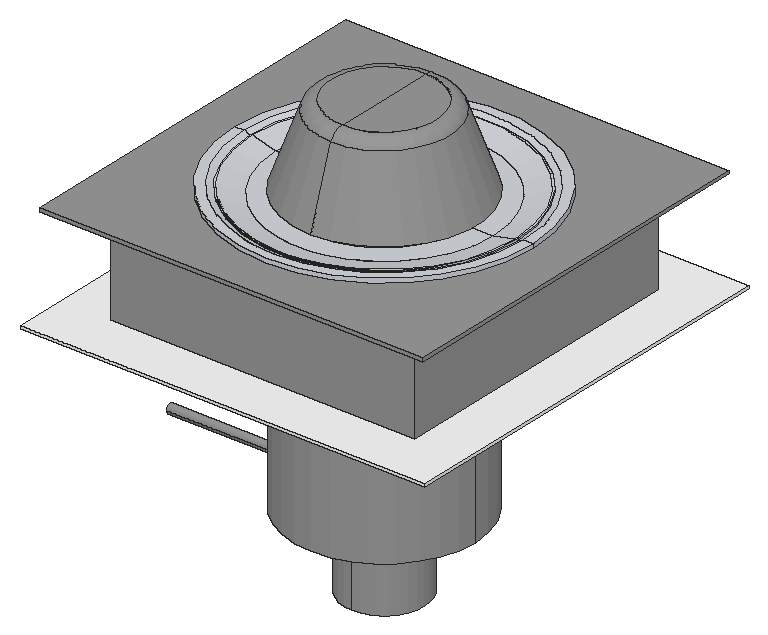
Revit family "HL_RU_Roof drain_HL63.1-B-221103", category Sanitärinstallationen, Revit 2020
Family settings
  Bemaßung runder Anschluss = Durchmesser verwenden
  Teiletyp = Normal
  OmniClass-Nummer = 23.70.50.21.24.14
  OmniClass-Titel = Deck Waste Water Drains
  Arbeitsebenenbasiert = Nein
  Immer vertikal = Ja
  Beim Laden mit Abzugskörper schneiden = Nein
  Gemeinsam genutzt = Nein
  Raumberechnungspunkt = Ja
Parameters (values of type "HL_Кровельная воронка_HL63.1_7")
  РЕШЁТКА = "Laubfangkorb d 145 mm"
  РАЗМЕР = "DN75"
  ПРОПУСКНАЯ СПОСОБНОСТЬ [instance] = 0.0 L/s
  ПРОИЗВОДИТЕЛЬНОСТЬ = "8,6 l/s"
  ПРАВОВАЯ ИНФОРМАЦИЯ = "Авторские права(©), права на дизайн или какие либо другие права интелектуальной собственности являются исключительной собственностью компании HL Hutterer & Lechner. Изменению не подлежит. Файл семейства с данными о прозводителе изделия защищен паролем с водяным знаком."
  НОМИНАЛЬНЫЙ ДИАМЕТР = 75 mm
  МАТЕРИАЛ = "PP"
  ВЫСОТА МОНТАЖА = "266_326 mm"
  ВЕС = "3,17 [kg]"
  Vorgabe-Ansicht = 0 mm
  Hersteller = "HL Hutterer & Lechner GmbH"  # constant formula
  URL = "http://www.hutterer-lechner.com/ru/products/catalog/roof-drains/HL63.1/7.aspx"
  Материал плитка [instance] = none
  Lüftungsverbindung = no
  Abwasserrohrverbindung = yes
  HW-Verbindung = no
  KW-Verbindung = no
  Beschreibung = "Кровельные воронки"
  Model = "HL63.1_7"
  Assembly Code = " "
  Typenkommentare = "HL63.1/7 Кровельная воронка DrainBox DN75 с зажимным элементом и подогревом (10_30Вт/230В).,"
  Keynote = "HL63.1_7"
  Bысота монтажа [instance] = 100 mm  # constant formula
  G [instance] = 180.00°  # constant formula
  EAN = "9003076806317"
  D [instance] = 236 mm  # constant formula
  C [instance] = if(Bысота монтажа - 68 mm < 0 mm, 0 mm, Bысота монтажа - 68 mm)  # 32 mm
  B [instance] = 100 mm  # constant formula
  A [instance] = if(B - 100 mm > 15 mm, B - 100 mm, 15 mm)  # 15 mm
Types (4, lengths in mm): name | РАЗМЕР | ПРОИЗВОДИТЕЛЬНОСТЬ | НОМИНАЛЬНЫЙ ДИАМЕТР | ВЕС | URL | Model | Typenkommentare | Keynote | EAN
  (no name) | "DN75" | "8,6 l/s" | 75 | "3,17 [kg]" | "http://www.hutterer-lechner.com/ru/products/catalog/roof-drains/HL63.1/7.aspx" | "HL63.1_7" | "HL63.1/7 Кровельная воронка DrainBox DN75 с зажимным элементом и подогревом (10_30Вт/230В).," | "HL63.1_7" | "9003076806317"
  HL_Кровельная воронка_HL63.1_1 | "DN110" | "8,7 l/s" | 110 | "3,2 [kg]" | "http://www.hutterer-lechner.com/ru/products/catalog/roof-drains/HL63.1/1.aspx" | "HL63.1_1" | "HL63.1/1 Кровельная воронка DrainBox DN110 с зажимным элементом и подогревом (10_30Вт/230В).," | "HL63.1_1" | "9003076816316"
  HL_Кровельная воронка_HL63.1_2 | "DN125" | "12,2 l/s" | 125 | "3,22 [kg]" | "http://www.hutterer-lechner.com/ru/products/catalog/roof-drains/HL63.1/2.aspx" | "HL63.1_2" | "HL63.1/2 Кровельная воронка DrainBox DN125 с зажимным элементом и подогревом (10_30Вт/230В).," | "HL63.1_2" | "9003076826315"
  HL_Кровельная воронка_HL63.1_7 | "DN75" | "8,6 l/s" | 75 | "3,17 [kg]" | "http://www.hutterer-lechner.com/ru/products/catalog/roof-drains/HL63.1/7.aspx" | "HL63.1_7" | "HL63.1/7 Кровельная воронка DrainBox DN75 с зажимным элементом и подогревом (10_30Вт/230В).," | "HL63.1_7" | "9003076806317"
Reference planes
  plane 1 "Center (Front/Back)": y = 0
  plane 2: z = 0
  plane 3 "Center (Left/Right)": x = 0
  plane 4: z = -100
  plane 5: z = -100
Lines and regions (mm)
  model lines, style "InvisibleLines"
    curve 1: line (0, 0, 0) -> (0, 0, 20)
  model lines, style "PlumbingFixtures", detail levels coarse+medium
    curve 2: line (0, 0, -100) -> (0, 0, -85)
    curve 3: line (0, 0, -85) -> (-85, 0, 0)
    curve 4: line (0, 0, -85) -> (85, 0, 0)
    curve 6: line (0, 0, -100) -> (0, 0, -336)
  reference lines, not visible
    curve 5: line (0, 0, -100) -> (0, 0, -336)
  symbolic lines, style "PlumbingFixtures", detail levels coarse+medium
    curve 7: line (-75, 75, 0) -> (75, 75, 0)
    curve 8: line (-75, -75, 0) -> (-75, 75, 0)
    curve 9: line (75, -75, 0) -> (-75, -75, 0)
    curve 10: line (75, 75, 0) -> (75, -75, 0)
    curve 11: line (-75, 75, 0) -> (-145.711, 145.711, 0)
    curve 12: line (75, 75, 0) -> (145.711, 145.711, 0)
    curve 13: line (-75, -75, 0) -> (-145.711, -145.711, 0)
    curve 14: line (75, -75, 0) -> (145.711, -145.711, 0)
  symbolic lines, style "PlumbingFixtures", not visible, detail levels coarse+medium
    curve 15: line (-75, 75, 0) -> (75, 75, 0)
    curve 16: line (-75, -75, 0) -> (-75, 75, 0)
    curve 17: line (75, -75, 0) -> (-75, -75, 0)
    curve 18: line (75, 75, 0) -> (75, -75, 0)
    curve 19: line (-75, 75, 0) -> (-145.711, 145.711, 0)
    curve 20: line (75, 75, 0) -> (145.711, 145.711, 0)
    curve 21: line (-75, -75, 0) -> (-145.711, -145.711, 0)
    curve 22: line (75, -75, 0) -> (145.711, -145.711, 0)
Text (mm)
  text "FLOOR" at (-162.344, 0, -10.979), in view "Drain Construction View"
Dimensions and locks
  "B": plane 2 to plane 4
  "Bысота монтажа": plane 2 to plane 5
  "A": curve 4 to plane 4
  "D": curve 5 to curve 5
  "D": curve 6 to curve 6
  locked: curve 4 to plane 3 "Center (Left/Right)" (angle 45.00°)
  locked: plane 3 "Center (Left/Right)" to curve 3 (angle 45.00°)
  "G": angle curve 5 to plane 3 "Center (Left/Right)"
  aligned and locked: level to plane 2
  aligned and locked: plane 2 to curve 4
  aligned and locked: plane 2 to curve 3
  aligned and locked: plane 4 to curve 5
  aligned and locked: plane 3 "Center (Left/Right)" to curve 5
  aligned and locked: plane 4 to curve 2
  aligned and locked: curve 6 to plane 3 "Center (Left/Right)"
  aligned and locked: curve 6 to plane 4
  aligned and locked: nested 1 to plane 2
  aligned and locked: nested 1 to plane 3 "Center (Left/Right)"
  aligned and locked: plane 2 to nested 2
  aligned and locked: plane 3 "Center (Left/Right)" to nested 2
Automatic sketch dimensions
  curve 2 to plane 3 "Center (Left/Right)" = 0 mm
  curve 1 to plane 3 "Center (Left/Right)" = 0 mm
  curve 1 to level = 0 mm
  level to curve 1 = 20 mm
Nested families
  nested 1: "HL_кровельные воронки - корпус_HL63.1" at (0, 0, 0) x (0, -1, 0) z (0, 0, 1), Bысота Монтажа <- "Bысота монтажа", НОМИНАЛЬНЫЙ ДИАМЕТР <- "НОМИНАЛЬНЫЙ ДИАМЕТР", type "HL_кровельные воронки - корпус_HL63.1"
    with НОМИНАЛЬНЫЙ ДИАМЕТР 75 mm, L2 2.5 mm, L 100 mm, IHmin 266 mm, IHmax 326 mm, Bысота Монтажа 100 mm
  nested 2: "HL_Вспомогательные материалы-Противопожарная защита_HL062.1E" at (0, 0, 0), type "HL_Вспомогательные материалы-Противопожарная защита_HL062.1E"
Connectors
  piping at (0, 0, -336), diameter 75, driven by "ПРОПУСКНАЯ СПОСОБНОСТЬ", driven by "НОМИНАЛЬНЫЙ ДИАМЕТР"
    settings: on curve 5, index 1, connector inside diameter 609.6 mm, connector length 0 mm, flow factor 0, pipe flow 0.0 L/s, pressure drop 0.0 Pa, fitting loss kfactor 0, connector angle 0.00°, fixture units 0, engagement length 0 mm, angle of deflection 0.00°, flow configuration 1, flow direction 2, fitting loss method 0, system type 16, joint type 0, gender type 0, connector reference index -1, connector utility 0, adjustable connector yes, is connector primary yes, connector description ""
Definition of nested family "HL_кровельные воронки - корпус_HL63.1"
  Parameters (values of type "HL_кровельные воронки - корпус_HL63.1")
    НОМИНАЛЬНЫЙ ДИАМЕТР [instance] = 125 mm
    Default Elevation = 0 mm
    Manufacturer = ""
    URL = ""
    Description = ""
    Model = ""
    L2 [instance] = if((L = 0 mm), 0 mm, 2.5 mm)  # 2.5 mm
    L [instance] = if(Bысота Монтажа < (IHmin - 166 mm), 0 mm, if(Bысота Монтажа > (IHmax - 166 mm) + 0.1 mm, 0 mm, Bысота Монтажа + 0 mm))  # 100 mm
    Type Comments = ""
    Bысота Монтажа [instance] = 100 mm
    IHmin [instance] = 266 mm
    IHmax [instance] = 326 mm
    Cost = 0
  Reference planes
    plane 1 "Střed (vpředu/vzadu)": y = 0
    plane 2: z = 0
    plane 3 "Střed (vlevo/vpravo)": x = 0
  Forms (mm)
    Extrusion 1, solid, detail levels fine
      sketch origin (0, 0, 0) x (1, 0, 0) y (0, 1, 0)
        loop
          line (-179, -179) -> (179, -179) -> (179, 179) -> (-179, 179) -> (-179, -179)
        loop
          circle (0, 0) r 139.495
      from 0 to -3
    Extrusion 2, solid, detail levels fine
      sketch origin (0, 0, -3) x (0, 1, 0) y (1, 0, 0)
        loop
          line (-142, 142) -> (-142, -142) -> (142, -142) -> (142, 142) -> (-142, 142)
        loop
          line (-137, 137.134) -> (-137, -137.866) -> (137, -137.866) -> (137, 137.134) -> (-137, 137.134)
      from 0 to 94
    Extrusion 3, solid, detail levels fine
      sketch origin (0, 189, -100) x (0, -1, 0) y (1, 0, 0)
        loop
          line (378, 189) -> (0, 189) -> (0, -189) -> (378, -189) -> (378, 189)
      from 2.5 <- "L2" to 0
    Extrusion 4, solid, detail levels fine
      sketch origin (0, 0.152, -97.5) x (0, -1, 0) y (1, 0, 0)
        loop
          line (137.152, -137.866) -> (137.152, 137.134) -> (-136.848, 137.134) -> (-136.848, -137.866) -> (137.152, -137.866)
        loop
          line (-118.55, 117.801) -> (-118.55, -119.41) -> (118.853, -119.41) -> (118.853, 117.801) -> (-118.55, 117.801)
      from 80 to 0
    Extrusion 5, solid, detail levels fine
      sketch origin (0, 0, -265.748) x (0, 1, 0) y (1, 0, 0)
        loop
          circle (0, 0) r 63.051
      from 0 to 5.25
    Extrusion 6, solid, detail levels fine
      sketch origin (0, 0, -270.998) x (-1, 0, 0) y (0, 1, 0)
        loop
          circle (0, 0) r 62.5
      from 0 to 65
    Extrusion 7, solid, detail levels fine
      sketch origin (0, 0, 0) x (1, 0, 0) y (0, 0, 1)
        loop
          circle (0, -253.652) r 4.201
      from 0 to 200
    Revolve 8, solid, detail levels fine
      sketch origin (0, 0, 0) x (0, 1, 0) y (0, 0, 1)
        loop
          line (139.495, 3.483) -> (130.755, 3.483) -> (124.367, 0.772) -> (124.553, 1.828) -> (123.156, 1.828) -> (101.8, -3.372) -> (81.208, -3.372) -> (78.949, -6.37) -> (78.949, -22.548) -> (77.124, -24.372) -> (75.657, -24.372) -> (74.445, -25.817) -> (74.445, -30.372) -> (0, -30.372) -> (0, -79.5) -> (59.327, -79.5) -> (109.235, -4.817) -> (129.893, -3.01) -> (139.495, -3.01) -> (139.495, 3.483)
        axis (0, 3.483) -> (0, -79.5)
      angle from 0 to 360
    Revolve 9, solid, detail levels fine
      sketch origin (0, 0, 0) x (0, 1, 0) y (0, 0, 1)
        loop
          line (0, -265.748) -> (85.469, -265.748) -> (85.469, -99.5) -> (59.327, -99.5) -> (59.327, -79.5) -> (0, -79.5) -> (0, -265.748)
        axis (0, -79.5) -> (0, -265.748)
      angle from 0 to 360
  Lines and regions (mm)
    reference lines, not visible
      curve 1: line (0, 189, -100) -> (0, -366, -100)
  Dimensions and locks
    "L": plane 2 to curve 1
    "НОМИНАЛЬНЫЙ ДИАМЕТР": diameter of Extrusion 6 sketch curve
    aligned and locked: level to plane 2
  Automatic sketch dimensions
    plane 1 "Střed (vpředu/vzadu)" to Extrusion 1 sketch curve = 0 mm
    Extrusion 1 sketch curve to plane 3 "Střed (vlevo/vpravo)" = 0 mm
    Extrusion 1 sketch curve to plane 3 "Střed (vlevo/vpravo)" = 179 mm
    plane 3 "Střed (vlevo/vpravo)" to Extrusion 1 sketch curve = 179 mm
    plane 1 "Střed (vpředu/vzadu)" to Extrusion 1 sketch curve = 179 mm
    Extrusion 1 sketch curve to plane 1 "Střed (vpředu/vzadu)" = 179 mm
    Extrusion 3 sketch curve to curve 1 = 0 mm
    Extrusion 3 sketch curve to curve 1 = 189 mm
    curve 1 to Extrusion 3 sketch curve = 189 mm
    Extrusion 3 sketch curve to curve 1 = 177 mm
    Extrusion 7 sketch curve to plane 3 "Střed (vlevo/vpravo)" = 0 mm
    Extrusion 7 sketch curve to level = 253.652 mm
    Extrusion 1 to Extrusion 2 sketch curve = 37 mm  (x2)
    Extrusion 2 sketch curve to Extrusion 2 sketch curve = 5 mm  (x2)
    Extrusion 1 to Extrusion 2 sketch curve = 42 mm
    Extrusion 2 sketch curve to Extrusion 2 sketch curve = 4.866 mm
    Extrusion 1 to Extrusion 2 sketch curve = 41.134 mm
    Extrusion 2 sketch curve to Extrusion 2 sketch curve = 4.134 mm
    Extrusion 4 sketch curve to Extrusion 3 = 52 mm
    Extrusion 4 sketch curve to Extrusion 4 sketch curve = 18.299 mm  (x2)
    Extrusion 4 sketch curve to Extrusion 3 = 70.299 mm
    Extrusion 4 sketch curve to Extrusion 3 = 51.134 mm
    Extrusion 4 sketch curve to Extrusion 4 sketch curve = 18.456 mm
    Extrusion 4 sketch curve to Extrusion 3 = 71.199 mm
    Extrusion 4 sketch curve to Extrusion 4 sketch curve = 19.333 mm
    plane 1 "Střed (vpředu/vzadu)" to Extrusion 5 sketch curve = 0 mm
    Extrusion 5 sketch curve to plane 3 "Střed (vlevo/vpravo)" = 0 mm
    Revolve 8 sketch curve to plane 1 "Střed (vpředu/vzadu)" = 0 mm
    Revolve 8 sketch curve to plane 1 "Střed (vpředu/vzadu)" = 59.327 mm
    Revolve 8 sketch curve to Revolve 8 sketch curve = 15.118 mm
    Revolve 8 sketch curve to level = 24.372 mm
    Revolve 8 sketch curve to Revolve 8 sketch curve = 1.212 mm
    Revolve 8 sketch curve to Revolve 8 sketch curve = 1.467 mm
    Revolve 8 sketch curve to Revolve 8 sketch curve = 1.824 mm  (x2)
    Revolve 8 sketch curve to Revolve 8 sketch curve = 2.259 mm
    Revolve 8 sketch curve to level = 3.372 mm
    Revolve 8 sketch curve to Revolve 8 sketch curve = 20.592 mm
    Revolve 8 sketch curve to level = 4.817 mm
    Revolve 8 sketch curve to Revolve 8 sketch curve = 7.435 mm
    level to Revolve 8 sketch curve = 1.828 mm
    Revolve 8 sketch curve to Revolve 8 sketch curve = 13.921 mm
    level to Revolve 8 sketch curve = 0.772 mm
    Revolve 8 sketch curve to Revolve 8 sketch curve = 1.211 mm
    Revolve 8 sketch curve to Revolve 8 sketch curve = 0.186 mm
    Revolve 8 sketch curve to level = 3.01 mm
    Revolve 8 sketch curve to Revolve 8 sketch curve = 5.526 mm
    level to Revolve 8 sketch curve = 3.483 mm
    Revolve 8 sketch curve to Revolve 8 sketch curve = 6.202 mm
    Revolve 8 sketch curve to Revolve 8 sketch curve = 9.602 mm
    Revolve 8 sketch curve to Revolve 8 sketch curve = 1.445 mm
    Revolve 8 sketch curve to Revolve 8 sketch curve = 4.555 mm
    Revolve 8 sketch curve to Revolve 8 sketch curve = 49.128 mm
    Revolve 8 sketch curve to Revolve 8 sketch curve = 2.998 mm
    Revolve 9 sketch curve to plane 1 "Střed (vpředu/vzadu)" = 0 mm
    Revolve 9 sketch curve to plane 1 "Střed (vpředu/vzadu)" = 59.327 mm
    Revolve 9 sketch curve to plane 1 "Střed (vpředu/vzadu)" = 85.469 mm
    Revolve 9 sketch curve to level = 265.748 mm
    Revolve 9 sketch curve to level = 99.5 mm
    Revolve 9 sketch curve to Revolve 9 sketch curve = 20 mm
    plane 1 "Střed (vpředu/vzadu)" to curve 1 = 366 mm
    curve 1 to plane 1 "Střed (vpředu/vzadu)" = 189 mm
    radius of Extrusion 1 sketch curve = 139.495 mm
    radius of Extrusion 7 sketch curve = 4.201 mm
    radius of Extrusion 5 sketch curve = 63.051 mm
Definition of nested family "HL_Вспомогательные материалы-Противопожарная защита_HL062.1E"
  Parameters
    ПРАВОВАЯ ИНФОРМАЦИЯ = ""
    ВЕС = "0,097 [kg]"
    Default Elevation = 0 mm
    Manufacturer = ""
    URL = ""
    Материал плитка = none
    Description = ""
    Model = ""
    Type Comments = "HL062.1E, domed plastic grate"
    Keynote = ""
    Пропускная способность [instance] = 0.0 L/s
    EAN = "9003076006212"
    Cost = 0
  Types (2, lengths in mm): name | ПРАВОВАЯ ИНФОРМАЦИЯ | Manufacturer | URL | Description | Model | Type Comments | Keynote
    (no name) | "" | "" | "" | "" | "" | "HL062.1E, domed plastic grate" | ""
    HL_Вспомогательные материалы-Противопожарная защита_HL062.1E | "Авторские права(©), права на дизайн или какие либо другие права интелектуальной собственности являются исключительной собственностью компании HL Hutterer & Lechner. Изменению не подлежит. Файл семейства с данными о прозводителе изделия защищен паролем с водяным знаком." | "HL Hutterer & Lechner GmbH" | "http://www.hutterer-lechner.com/ru/products/catalog/roof-drains/HL062.1E.aspx" | "Кровельные воронки" | "HL062.1E" | "HL062.1E, Листвоуловитель" | "HL062.1E"
  Reference planes
    plane 1 "Střed (vpředu/vzadu)": y = 0
    plane 2: z = 0
    plane 3 "Střed (vlevo/vpravo)": x = 0
  Forms (mm)
    Revolve 1, solid, detail levels fine
      sketch origin (0, 0, 0) x (0, 1, 0) y (0, 0, 1)
        loop
          line (0, 75) -> (0, 60.2) -> (47.074, 60.2) -> (68.985, 0) -> (86.249, 0) -> (61.992, 66.646)
          arc (61.992, 66.646) -> (56.733, 72.731) -> (49.016, 75) r 14.255
          line (49.016, 75) -> (0, 75)
        axis (0, 75) -> (0, 0)
      angle from 0 to 360
    Extrusion 2, solid, detail levels fine
      sketch origin (0, 0, 0) x (0, 1, 0) y (1, 0, 0)
        loop
          circle (0, 0) r 78.587
        loop
          circle (0, 0) r 70.981
      from 0 to 16.7
    Extrusion 3, solid, detail levels fine
      sketch origin (0, 0, -16.7) x (-1, 0, 0) y (0, 1, 0)
        loop
          circle (0, 0) r 70
        loop
          circle (0, 0) r 74.546
      from 0 to 12.3
  Dimensions and locks
    aligned and locked: level to plane 2
